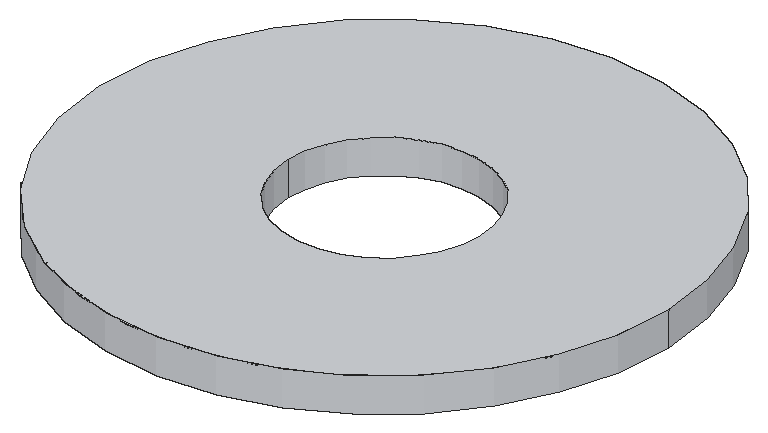
Revit family "Unterlegscheibe DIN EN ISO 7089, fvz", category HLS-Bauteile, Revit 2017
Family settings
  Bemaßung runder Anschluss = Durchmesser verwenden
  Teiletyp = Normal
  Arbeitsebenenbasiert = Ja
  Immer vertikal = Nein
  Beim Laden mit Abzugskörper schneiden = Nein
  Gemeinsam genutzt = Ja
  Raumberechnungspunkt = Nein
Parameters (values of type "Unterlegscheibe 17x 50x 3,0, fvz")
  vpe = "100 St"
  Default Elevation = 1219.2 mm
  Regelhalter [instance] = ""
  Mengeneinheit = "St"
  Material = "Stahl"
  L = 3 mm
  Kurztext2 = "17 x 50 x 3 mm fvz"
  Kurztext1 = "Unterlegscheibe"
  Gewicht pro Bauteil = Gewicht  # 0.0409 kg
  Gewicht = 0.0409 kg
  Firma = "MEFA Befestigungs- und Montagesysteme GmbH"
  Fabrikat = "MEFA"
  EAN = "4250928457196"
  D0 = 17 mm
  D = 50 mm
  Artikelnummer = "4330285/fvz"
Types (4, lengths in mm): name | L | Kurztext2 | Gewicht pro Bauteil | Gewicht | EAN | D0 | D | Artikelnummer
  (no name) | 3 | "17 x 50 x 3 mm fvz" | 0.0409 kg | 0.0409 kg | "4250928457196" | 17 | 50 | "4330285/fvz"
  Unterlegscheibe 13x 24x 2,5, fvz | 2.5 | "13 x 24 x 2,5 mm fvz" | 0.0063 kg | 0.0063 kg | "4250928454782" | 13 | 24 | "4320271/fvz"
  Unterlegscheibe 13x 37x 3,0, fvz | 3 | "13 x 37 x 3 mm fvz" | 0.0222 kg | 0.0222 kg | "4250928457189" | 13 | 37 | "4330277/fvz"
  Unterlegscheibe 17x 50x 3,0, fvz | 3 | "17 x 50 x 3 mm fvz" | 0.0409 kg | 0.0409 kg | "4250928457196" | 17 | 50 | "4330285/fvz"
Reference planes
  plane 1 "Mitte (Vorne/hinten)": y = 0
  plane 2: z = 0
  plane 3 "Mitte (Links/rechts)": x = 0
  plane 4: z = 3
Forms (mm)
  Extrusion 1, solid
    sketch origin (0, 0, 0) x (1, 0, 0) y (0, 1, 0)
      loop
        circle (0, 0) r 25
    from 0 to 3
  Extrusion 2, void
    sketch origin (0, 0, 0) x (1, 0, 0) y (0, 1, 0)
      loop
        circle (0, 0) r 8.5
    from 0 to 3
Cuts and joins
  Extrusion 2 cuts Extrusion 1
Lines and regions (mm)
  model lines, not visible
    curve 1: line (30, 0, 3) -> (-30, 0, 3)
    curve 2: line (0, 30, 3) -> (0, -30, 3)
    curve 3: line (0, 30, 0) -> (0, -30, 0)
    curve 4: line (30, 0, 0) -> (-30, 0, 0)
    curve 5: line (0, 0, 19.915) -> (0, 0, -20.585)
Dimensions and locks
  "L": level to plane 4
  "D": diameter of Extrusion 1 sketch curve
  "D0": diameter of Extrusion 2 sketch curve
  aligned and locked: level to plane 2
  aligned and locked: Extrusion 1 to level
  aligned and locked: Extrusion 1 to curve 1
  aligned and locked: plane 4 to Extrusion 1
  aligned and locked: curve 2 to plane 4
  aligned and locked: curve 3 to level
  aligned and locked: curve 4 to level
  aligned and locked: plane 3 "Mitte (Links/rechts)" to curve 5
  aligned and locked: curve 5 to plane 1 "Mitte (Vorne/hinten)"
  aligned and locked: Extrusion 1 to Extrusion 2
  aligned and locked: Extrusion 2 to level
Automatic sketch dimensions
  plane 1 "Mitte (Vorne/hinten)" to curve 2 = 30 mm
  plane 1 "Mitte (Vorne/hinten)" to curve 3 = 30 mm
  curve 3 to plane 1 "Mitte (Vorne/hinten)" = 30 mm
  curve 2 to plane 1 "Mitte (Vorne/hinten)" = 30 mm
  curve 1 to plane 3 "Mitte (Links/rechts)" = 30 mm
  curve 1 to curve 4 = 0 mm  (x2)
  plane 3 "Mitte (Links/rechts)" to curve 4 = 30 mm
  curve 5 to level = 20.585 mm
  plane 4 to curve 5 = 16.915 mm
  plane 1 "Mitte (Vorne/hinten)" to Extrusion 1 sketch curve = 0 mm
  Extrusion 1 sketch curve to plane 3 "Mitte (Links/rechts)" = 0 mm
  plane 1 "Mitte (Vorne/hinten)" to Extrusion 2 sketch curve = 0 mm
  Extrusion 2 sketch curve to plane 3 "Mitte (Links/rechts)" = 0 mm
